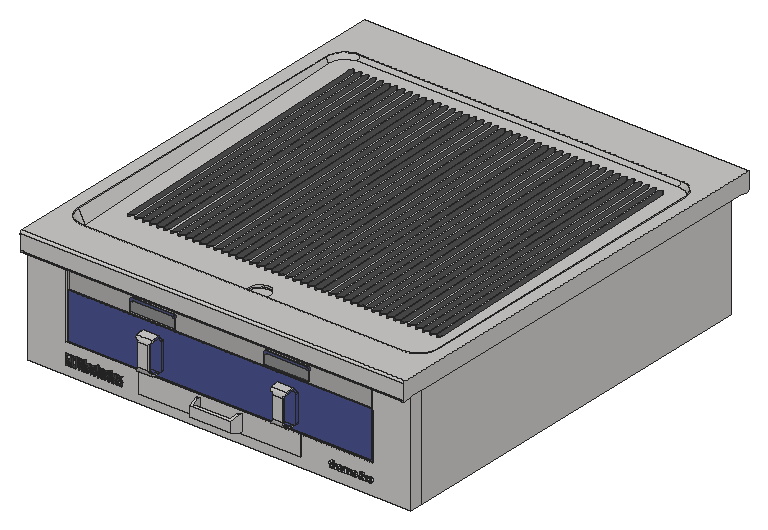
Revit family "QF_ELECTROLUXPROFESSIONAL_589831_MCHNAAHODM", category Attrezzature speciali, Revit 2020 (continued)
Definition of nested family "Front_Panel_W800_Two Knobs"
  Definition of nested family "ELX_Professional_Logo_Small"
    Forms (mm)
      Extrusion 2, solid, material <- "Material_Logo"
        sketch origin (15.5, 0, 0) x (1, 0, 0) y (0, 1, 0)
          loop
            arc (-1.152, -9.686) -> (-0.842, -10.198) -> (-0.39, -10.589) r 1.914
            arc (-0.39, -10.589) -> (0.184, -10.834) -> (0.804, -10.896) r 2.063
            arc (0.804, -10.896) -> (1.572, -10.743) -> (2.263, -10.376) r 2.696
            arc (2.263, -10.376) -> (2.568, -9.565) -> (2.411, -8.712) r 1.618
            arc (2.411, -8.712) -> (2.07, -8.319) -> (1.635, -8.035) r 1.876
            arc (1.635, -8.035) -> (1.084, -7.789) -> (0.519, -7.577) r 9.883
            arc (0.519, -7.577) -> (0.193, -7.07) -> (0.665, -6.694) r 0.45
            arc (0.665, -6.694) -> (1.189, -6.809) -> (1.61, -7.143) r 1.197
          loop
            line (6.801, -5.837) -> (6.801, -10.814) -> (7.825, -10.814) -> (7.825, -5.837) -> (6.801, -5.837)
          loop
            circle (14.724, -8.325) r 1.548
          loop
            circle (14.724, -8.325) r 2.585
          loop
            line (21.59, -10.814) -> (22.623, -10.814) -> (22.623, -7.685) -> (24.9, -10.814) -> (25.895, -10.814) -> (25.895, -5.837) -> (24.861, -5.837) -> (24.861, -9.061) -> (22.585, -5.837) -> (21.59, -5.837) -> (21.59, -10.814)
          loop
            line (31.054, -10.814) -> (31.539, -9.74) -> (33.38, -9.74) -> (33.865, -10.814) -> (34.965, -10.814) -> (32.46, -5.837) -> (29.956, -10.814) -> (31.054, -10.814)
          loop
            line (32.46, -7.698) -> (31.999, -8.719) -> (32.921, -8.719) -> (32.46, -7.698)
          loop
            line (40.047, -9.873) -> (40.047, -5.837) -> (39.024, -5.837) -> (39.024, -10.814) -> (41.961, -10.814) -> (41.961, -9.873) -> (40.047, -9.873)
          loop
            line (-74.986, -10.814) -> (-53.322, -10.814) -> (-53.322, 10.82) -> (-74.986, 10.82) -> (-74.986, -10.814)
          loop
            line (-61.261, 9.758) -> (-61.261, -9.707)
            arc (-61.261, -9.707) -> (-54.066, 0.025) -> (-61.261, 9.758) r 10.18
          loop
            line (-62.251, 8.349) -> (-62.251, 9.758)
            arc (-62.251, 9.758) -> (-70.347, 7.918) -> (-74.247, 0.59) r 9.976
            line (-74.247, 0.59) -> (-71.026, 0.59)
            arc (-71.026, 0.59) -> (-65.274, 2.925) -> (-62.251, 8.349) r 9.351
          loop
            arc (-74.247, -0.539) -> (-70.353, -7.928) -> (-62.251, -9.957) r 10.237
            line (-62.251, -9.957) -> (-62.251, -8.298)
            arc (-62.251, -8.298) -> (-65.274, -2.874) -> (-71.026, -0.539) r 9.351
            line (-71.026, -0.539) -> (-74.247, -0.539)
        from 0 to 1.644
    Dimensions and locks
      aligned and locked: plane 2 to Extrusion 1
      aligned and locked: level to Extrusion 1
Definition of nested family "Rib_D12"
  Parameters
    Show Clearance [instance] = yes
    Model = ""
    Lenght [instance] = 588 mm
    Default Elevation = 0 mm
  Reference planes
    plane 1 "Center (Front/Back)": y = -11.07
    plane 2: z = 0
    plane 3 "Center (Left/Right)": x = 0
    plane 4 "Back": y = 282.93
    plane 5 "Front": y = -305.07
  Forms (mm)
    Extrusion 1, solid
      sketch origin (0, -919.2, 0) x (1, 0, 0) y (0, 1, 0)
        loop
          line (-198.75, 1399.2) -> (-198.75, 386.445) -> (165.741, 386.445) -> (165.741, 1399.2) -> (-198.75, 1399.2)
      from 0 to -59.546
    Extrusion 2, solid
      sketch origin (0, -11.07, -267.484) x (1, 0, 0) y (0, 0, 1)
        loop
          line (-6, 267.484) -> (6, 267.484)
          arc (6, 267.484) -> (0, 269.184) -> (-6, 267.484) r 11.438
      from -294 to 294
    Extrusion 3, void
      sketch origin (0, 0, 0) x (1, 0, 0) y (0, 1, 0)
        loop
          line (-6, 274.93) -> (-2.484, 281.02)
          arc (-2.484, 281.02) -> (0, 282.454) -> (2.484, 281.02) r 2.868
          line (2.484, 281.02) -> (6, 274.93) -> (6, 282.93) -> (-6, 282.93) -> (-6, 274.93)
        loop
          line (-6, -297.07) -> (-6, -305.07) -> (6, -305.07) -> (6, -297.07) -> (2.484, -303.16)
          arc (2.484, -303.16) -> (0, -304.594) -> (-2.484, -303.16) r 2.868
          line (-2.484, -303.16) -> (-6, -297.07)
      from 0 to 2
  Cuts and joins
    Extrusion 3 cuts Extrusion 2
  Lines and regions (mm)
    symbolic lines
      curve 1: line (64.247, -11.07, 0) -> (64.247, -11.07, 4)
      curve 2: line (64.247, -11.07, 4) -> (-64.765, -11.07, 4)
      curve 3: line (-64.765, -11.07, 4) -> (-64.765, -11.07, 0)
      curve 4: line (-40, -11.07, 8) -> (-40, -11.07, 4)
      curve 5: line (40, -11.07, 8) -> (40, -11.07, 4)
      curve 6: line (40, -11.07, 8) -> (-40, -11.07, 8)
      curve 7: line (6, -297.07, 0) -> (6, 274.93, 0)
      curve 8: line (-6, 274.93, 0) -> (-6, -297.07, 0)
      curve 9: line (-6, 274.93, 0) -> (-2.484, 281.02, 0)
      curve 10: line (2.484, 281.02, 0) -> (6, 274.93, 0)
      curve 11: arc (-2.484, 281.02, 0) -> (0, 282.454, 0) -> (2.484, 281.02, 0) r 2.868
      curve 12: line (-2.484, -303.16, 0) -> (-6, -297.07, 0)
      curve 13: arc (2.484, -303.16, 0) -> (0, -304.594, 0) -> (-2.484, -303.16, 0) r 2.868
      curve 14: line (6, -297.07, 0) -> (2.484, -303.16, 0)
  Dimensions and locks
    "Lenght": plane 4 "Back" to plane 5 "Front"
    equal spacing: plane 4 "Back", plane 1 "Center (Front/Back)", plane 5 "Front"
    aligned and locked: plane 2 to Extrusion 1
    aligned and locked: level to Extrusion 1
    aligned and locked: plane 4 "Back" to Extrusion 2
    aligned and locked: Extrusion 2 to plane 5 "Front"
  Automatic sketch dimensions
    curve 3 to level = 0 mm
    curve 1 to level = 0 mm
    level to curve 3 = 4 mm
    curve 3 to plane 3 "Center (Left/Right)" = 64.765 mm
    level to curve 6 = 8 mm
    curve 2 to curve 6 = 24.765 mm
    plane 3 "Center (Left/Right)" to curve 5 = 40 mm
    curve 5 to curve 1 = 24.247 mm
    Extrusion 1 sketch curve to Extrusion 1 sketch curve = 364.491 mm
    Extrusion 1 sketch curve to Extrusion 1 sketch curve = 1012.755 mm
    Extrusion 3 sketch curve to plane 3 "Center (Left/Right)" = 0 mm  (x2)
    Extrusion 3 sketch curve to plane 3 "Center (Left/Right)" = 2.484 mm  (x2)
    Extrusion 3 sketch curve to plane 3 "Center (Left/Right)" = 6 mm
    Extrusion 3 sketch curve to Extrusion 3 sketch curve = 3.516 mm  (x2)
    plane 3 "Center (Left/Right)" to Extrusion 3 sketch curve = 2.484 mm  (x2)
    plane 3 "Center (Left/Right)" to Extrusion 3 sketch curve = 6 mm
    plane 5 "Front" to Extrusion 3 sketch curve = 0 mm
    Extrusion 3 sketch curve to Extrusion 3 sketch curve = 1.91 mm  (x2)
    Extrusion 3 sketch curve to Extrusion 3 sketch curve = 1.434 mm  (x2)
    Extrusion 3 sketch curve to Extrusion 3 sketch curve = 6.09 mm  (x2)
    Extrusion 3 sketch curve to plane 4 "Back" = 8 mm
    Extrusion 3 sketch curve to Extrusion 3 sketch curve = 0 mm
    Extrusion 3 sketch curve to Extrusion 3 sketch curve = 4.656 mm
    curve 9 to plane 3 "Center (Left/Right)" = 6 mm
    curve 8 to plane 4 "Back" = 8 mm
    curve 9 to plane 3 "Center (Left/Right)" = 2.484 mm
    plane 3 "Center (Left/Right)" to curve 7 = 6 mm
    plane 5 "Front" to curve 8 = 8 mm
    plane 5 "Front" to curve 7 = 8 mm
    curve 7 to plane 4 "Back" = 8 mm
    curve 9 to plane 4 "Back" = 1.91 mm
    plane 3 "Center (Left/Right)" to curve 10 = 2.484 mm
    curve 10 to plane 4 "Back" = 1.91 mm
    curve 11 to curve 9 = 1.434 mm
    curve 12 to plane 3 "Center (Left/Right)" = 2.484 mm
    plane 5 "Front" to curve 12 = 1.91 mm
    curve 13 to plane 3 "Center (Left/Right)" = 0 mm
    curve 13 to curve 13 = 1.434 mm
    plane 5 "Front" to curve 13 = 1.91 mm
    Extrusion 2 sketch curve to plane 3 "Center (Left/Right)" = 0 mm
    Extrusion 2 sketch curve to plane 3 "Center (Left/Right)" = 6 mm
    Extrusion 2 sketch curve to level = 9.738 mm
    Extrusion 2 sketch curve to Extrusion 2 sketch curve = 9.738 mm
